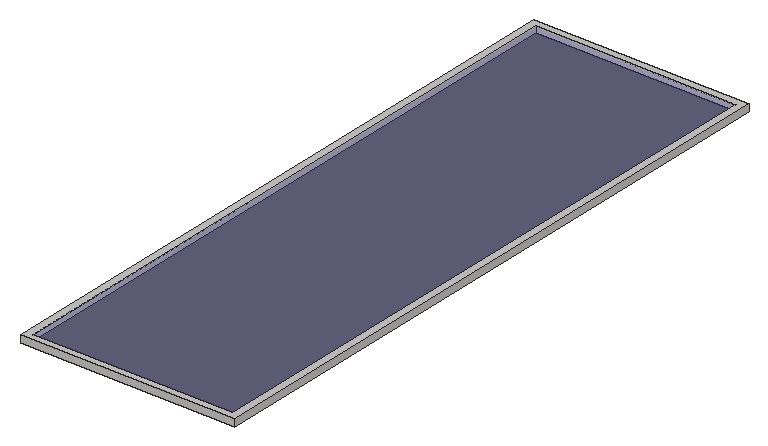
Revit family
Parameters (values of type "24Wx72H")
  offset [instance] = 0' - 0"
  Warranty Duration (Years) = 0
  Unit Width = 2' - 0"
  Unit Height = 6' - 0"
  Unit Depth = 0' - 0 3/4"
  URL = "http://www.bobrick.com/Pages/default.aspx"
  Specification = ""
  SpecWizard = ""
  Send Message = "http://www.arcat.com/users.pl?action=UserEmail&company=Bobrick+Washroom+Equipment,+Inc.&coid=30988&rep=156&fax=818-503-1930&mf="
  Sales Information = "http://www.bobrick.com/Pages/ContactUs.aspx"
  Revision = "R1_10-2012"
  Product Properties = ""
  Product Data = "http://arcat.com/arcatcos/cos30/arc30988.html?isac=1&r=1"
  Model = "B-290 2472"
  Mirror Background = Paint - Bobrick - Black
  Manufacturer Website = "http://www.bobrick.com/Pages/default.aspx"
  Manufacturer Phone - Toll Free = ""
  Manufacturer Phone = "818-764-1000"
  Manufacturer Fax = "818-503-1930"
  Manufacturer Address = "11611 Hart St. North Hollywood, CA 91605-5882"
  Manufacturer = "Bobrick Washroom Equipment, Inc."
  Maintenance Schedule (Months) = 0
  Keynote = "102813"
  Installation-Fabrication = "http://www.bobrick.com/washroomaccessories/Pages/WashroomAccessories.aspx"
  Installation Phase = ""
  Green Building-LEED = ""
  Glass Material = Glass Mirror - Bobrick
  Frame Material = Stainless Steel - Bobrick - Satin
  Expected Lifespan (Years) = 0
  Drawn By = "Sumex Design, Inc. / Robert S. Weygant, CSI, CDT, SCIP"
  Description = "Bobrick B-290 2472 Welded Frame Mirror"
  Default Elevation = 4' - 0"
  Copyright = "©Arcat Inc."
  Construction Details = ""
  Assembly Code = "E1090900"
Types (7): name | Unit Width | Unit Height | Model | Description
  24Wx72H | 2' - 0" | 6' - 0" | "B-290 2472" | "Bobrick B-290 2472 Welded Frame Mirror"
  24Wx60H | 2' - 0" | 5' - 0" | "B-290 2460" | "Bobrick B-290 2460 Welded Frame Mirror"
  24Wx48H | 2' - 0" | 4' - 0" | "B-290 2448" | "Bobrick B-290 2448 Welded Frame Mirror"
  24Wx36H | 2' - 0" | 3' - 0" | "B-290 2436" | "Bobrick B-290 2436 Welded Frame Mirror"
  24Wx30H | 2' - 0" | 2' - 6" | "B-290 2430" | "Bobrick B-290 2430 Welded Frame Mirror"
  18Wx36H | 1' - 6" | 3' - 0" | "B-290 1836" | "Bobrick B-290 1836 Welded Frame Mirror"
  18Wx30H | 1' - 6" | 2' - 6" | "B-290 1830" | "Bobrick B-290 1830 Welded Frame Mirror"
Reference planes (in)
  plane 1 "Center (Front/Back)": y = 0
  plane 2 "Bottom": z = 0
  plane 3 "Center (Left/Right)": x = 0
  plane 4 "Front": y = -36
  plane 5 "Back": y = 36
  plane 6 "Left": x = -12
  plane 7 "Right": x = 12
  plane 8 "Top": z = 0.75
Forms (in)
  Extrusion 1, solid, material "Stainless Steel - Bobrick - Satin" <- "Frame Material"
    sketch origin (0, 0, 0) x (1, 0, 0) y (0, 1, 0)
      loop
        line (-12, -36) -> (12, -36) -> (12, 36) -> (-12, 36) -> (-12, -36)
      loop
        line (-11.25, 35.25) -> (-11.25, -35.25) -> (11.25, -35.25) -> (11.25, 35.25) -> (-11.25, 35.25)
    from 0 to 0.75
  Extrusion 2, solid, material "Paint - Bobrick - Black" <- "Mirror Background"
    sketch origin (0, 0, 0) x (1, 0, 0) y (0, 1, 0)
      loop
        line (-11.5, 35.5) -> (-11.5, -35.5) -> (11.5, -35.5) -> (11.5, 35.5) -> (-11.5, 35.5)
    from 0 to 0.125
  Extrusion 3, solid, material "Glass Mirror - Bobrick" <- "Glass Material"
    sketch origin (0, 0, 0) x (1, 0, 0) y (0, 1, 0)
      loop
        line (-11.8125, 35.8125) -> (-11.8125, -35.8125) -> (11.8125, -35.8125) -> (11.8125, 35.8125) -> (-11.8125, 35.8125)
    from 0.125 to 0.625
Dimensions and locks (in)
  equal spacing: plane 6 "Left", plane 3 "Center (Left/Right)", plane 7 "Right"
  "Unit Width": plane 6 "Left" to plane 7 "Right"
  equal spacing: plane 5 "Back", plane 1 "Center (Front/Back)", plane 4 "Front"
  "Unit Height": plane 5 "Back" to plane 4 "Front"
  "Unit Depth": plane 8 "Top" to level
  locked: Extrusion 2 to plane 2 "Bottom" at 0.125
  locked: Extrusion 3 sketch curve to plane 7 "Right" at 0.1875
  locked: plane 6 "Left" to Extrusion 3 sketch curve at 0.1875
  locked: Extrusion 3 sketch curve to plane 4 "Front" at 0.1875
  locked: plane 5 "Back" to Extrusion 3 sketch curve at 0.1875
  locked: plane 6 "Left" to Extrusion 2 sketch curve at 0.5
  locked: Extrusion 2 sketch curve to plane 7 "Right" at 0.5
  locked: Extrusion 3 to plane 2 "Bottom" at 0.125
  locked: plane 8 "Top" to Extrusion 3 at 0.125
  aligned and locked: Extrusion 1 sketch curve to plane 6 "Left"
  aligned and locked: plane 8 "Top" to Extrusion 1
  aligned and locked: Extrusion 3 to Extrusion 2
  aligned and locked: Extrusion 1 sketch curve to plane 4 "Front"
  aligned and locked: Extrusion 1 sketch curve to plane 5 "Back"
Automatic sketch dimensions
  Extrusion 1 sketch curve to plane 7 "Right" = 0' - 0"
  Extrusion 1 sketch curve to plane 7 "Right" = 0' - 0 3/4"
  plane 4 "Front" to Extrusion 1 sketch curve = 0' - 0 3/4"
  plane 6 "Left" to Extrusion 1 sketch curve = 0' - 0 3/4"
  Extrusion 1 sketch curve to plane 5 "Back" = 0' - 0 3/4"
  plane 4 "Front" to Extrusion 2 sketch curve = 0' - 0 1/2"
  Extrusion 2 sketch curve to plane 5 "Back" = 0' - 0 1/2"
